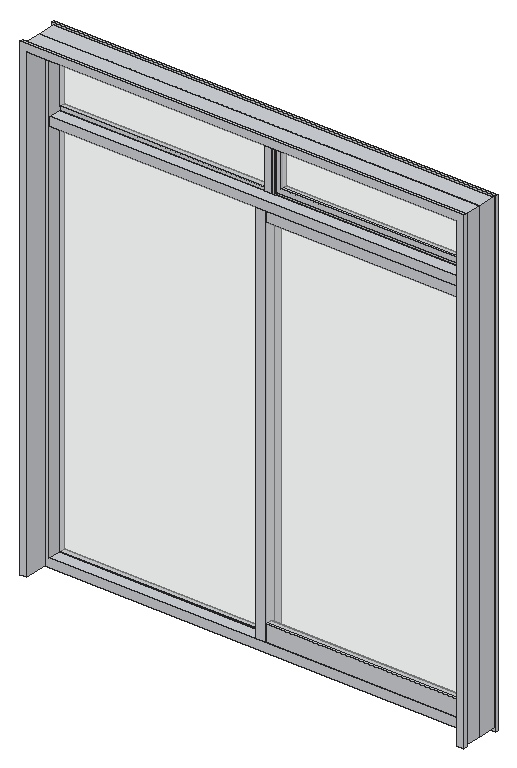
Revit family "APL Residential Thermal Heart Sliding Door SF with Overlight", category Doors, host Wall, Revit 2017 (continued)
Definition of nested family "APL Residential Thermal Heart Sliding Door SF Horizontal Section"
  Definition of nested family "Jamb Fixed"
    Definition of nested family "65400_Jamb Fixed"
      Lines and regions (mm)
        detail lines, in view "Ref. Level"
          curve 217: arc (73.23, 29.9, 0) -> (72.915, 29.86, 0) -> (72.621, 29.739, 0) r 1.2
          curve 218: arc (71.093, 28.854, 0) -> (70.996, 28.814, 0) -> (70.893, 28.8, 0) r 0.4
          curve 219: arc (70.6, 28.8, 0) -> (70.317, 28.917, 0) -> (70.2, 29.2, 0) r 0.4
          curve 220: line (70.6, 33, 0) -> (70.893, 33, 0)
          curve 221: line (71.093, 32.946, 0) -> (72.621, 32.061, 0)
          curve 222: line (73.222, 31.9, 0) -> (74.145, 31.9, 0)
          curve 223: line (75.084, 31.242, 0) -> (75.877, 29.063, 0)
          curve 224: line (76.253, 28.8, 0) -> (78.947, 28.8, 0)
          curve 225: line (79.323, 29.063, 0) -> (80.116, 31.242, 0)
          curve 226: line (81.055, 31.9, 0) -> (81.978, 31.9, 0)
          curve 227: line (82.579, 32.061, 0) -> (84.107, 32.946, 0)
          curve 228: line (84.307, 33, 0) -> (84.6, 33, 0)
          curve 229: line (85, 32.6, 0) -> (85, 29.2, 0)
          curve 230: line (84.6, 28.8, 0) -> (84.307, 28.8, 0)
          curve 231: line (84.107, 28.854, 0) -> (82.579, 29.739, 0)
          curve 232: line (81.684, 29.703, 0) -> (80.796, 27.263, 0)
          curve 233: line (80.42, 27, 0) -> (74.78, 27, 0)
          curve 234: line (74.404, 27.263, 0) -> (73.516, 29.703, 0)
          curve 235: line (72.621, 29.739, 0) -> (71.093, 28.854, 0)
          curve 236: line (70.893, 28.8, 0) -> (70.6, 28.8, 0)
          curve 237: line (70.2, 29.2, 0) -> (70.2, 32.6, 0)
          curve 238: arc (70.2, 37.4, 0) -> (70.317, 37.117, 0) -> (70.6, 37, 0) r 0.4
          curve 239: arc (70.893, 37, 0) -> (70.996, 37.014, 0) -> (71.093, 37.054, 0) r 0.4
          curve 240: arc (72.621, 37.939, 0) -> (72.911, 38.059, 0) -> (73.222, 38.1, 0) r 1.2
          curve 241: arc (74.145, 38.1, 0) -> (74.718, 38.281, 0) -> (75.084, 38.758, 0) r 1
          curve 242: arc (75.877, 40.937, 0) -> (76.024, 41.128, 0) -> (76.253, 41.2, 0) r 0.4
          curve 243: arc (78.947, 41.2, 0) -> (79.176, 41.128, 0) -> (79.323, 40.937, 0) r 0.4
          curve 244: arc (80.116, 38.758, 0) -> (80.482, 38.281, 0) -> (81.055, 38.1, 0) r 1
          curve 245: arc (81.978, 38.1, 0) -> (82.289, 38.059, 0) -> (82.579, 37.939, 0) r 1.2
          curve 246: arc (84.107, 37.054, 0) -> (84.204, 37.014, 0) -> (84.307, 37, 0) r 0.4
          curve 247: arc (84.6, 37, 0) -> (84.883, 37.117, 0) -> (85, 37.4, 0) r 0.4
          curve 248: arc (85, 40.8, 0) -> (84.883, 41.083, 0) -> (84.6, 41.2, 0) r 0.4
          curve 249: arc (84.307, 41.2, 0) -> (84.204, 41.186, 0) -> (84.107, 41.146, 0) r 0.4
          curve 250: arc (82.579, 40.262, 0) -> (82.285, 40.14, 0) -> (81.97, 40.1, 0) r 1.2
          curve 251: arc (81.97, 40.1, 0) -> (81.795, 40.153, 0) -> (81.684, 40.297, 0) r 0.3
          curve 252: arc (80.796, 42.737, 0) -> (80.649, 42.928, 0) -> (80.42, 43, 0) r 0.4
          curve 253: arc (74.78, 43, 0) -> (74.551, 42.928, 0) -> (74.404, 42.737, 0) r 0.4
          curve 254: arc (73.516, 40.297, 0) -> (73.405, 40.153, 0) -> (73.23, 40.1, 0) r 0.3
          curve 255: arc (73.23, 40.1, 0) -> (72.915, 40.14, 0) -> (72.621, 40.262, 0) r 1.2
          curve 256: arc (71.093, 41.146, 0) -> (70.996, 41.186, 0) -> (70.893, 41.2, 0) r 0.4
          curve 257: arc (70.6, 41.2, 0) -> (70.317, 41.083, 0) -> (70.2, 40.8, 0) r 0.4
          curve 258: line (70.6, 37, 0) -> (70.893, 37, 0)
          curve 259: line (71.093, 37.054, 0) -> (72.621, 37.939, 0)
          curve 260: line (73.222, 38.1, 0) -> (74.145, 38.1, 0)
          curve 261: line (75.084, 38.758, 0) -> (75.877, 40.937, 0)
          curve 262: line (76.253, 41.2, 0) -> (78.947, 41.2, 0)
          curve 263: line (79.323, 40.937, 0) -> (80.116, 38.758, 0)
          curve 264: line (81.055, 38.1, 0) -> (81.978, 38.1, 0)
          curve 265: line (82.579, 37.939, 0) -> (84.107, 37.054, 0)
          curve 266: line (84.307, 37, 0) -> (84.6, 37, 0)
          curve 267: line (85, 37.4, 0) -> (85, 40.8, 0)
          curve 268: line (84.6, 41.2, 0) -> (84.307, 41.2, 0)
          curve 269: line (84.107, 41.146, 0) -> (82.579, 40.262, 0)
          curve 270: line (81.684, 40.297, 0) -> (80.796, 42.737, 0)
          curve 271: line (80.42, 43, 0) -> (74.78, 43, 0)
          curve 272: line (74.404, 42.737, 0) -> (73.516, 40.297, 0)
          curve 273: line (72.621, 40.262, 0) -> (71.093, 41.146, 0)
          curve 274: line (70.893, 41.2, 0) -> (70.6, 41.2, 0)
          curve 275: line (70.2, 40.8, 0) -> (70.2, 37.4, 0)
          curve 276: arc (113.4, 7.123, 0) -> (113.327, 7.05, 0) -> (113.3, 6.95, 0) r 0.2
          curve 277: arc (113.3, 2.75, 0) -> (113.327, 2.65, 0) -> (113.4, 2.577, 0) r 0.2
          curve 278: arc (113.4, 2.577, 0) -> (113.473, 2.504, 0) -> (113.5, 2.404, 0) r 0.2
          curve 279: arc (113.5, 1.2, 0) -> (113.441, 1.059, 0) -> (113.3, 1, 0) r 0.2
          curve 280: arc (111.701, 1, 0) -> (111.559, 1.058, 0) -> (111.5, 1.2, 0) r 0.2
          curve 281: arc (111.5, 2.05, 0) -> (111, 2.549, 0) -> (110.5, 2.05, 0) r 0.5
          curve 282: arc (110.5, 0.5, 0) -> (110.646, 0.146, 0) -> (111, 0, 0) r 0.499
          curve 283: arc (114.5, 0, 0) -> (114.847, 0.153, 0) -> (115, 0.5, 0) r 0.523
          curve 284: arc (115, 21.5, 0) -> (114.856, 21.856, 0) -> (114.5, 22, 0) r 0.493
          curve 285: arc (111.7, 22, 0) -> (111.558, 22.058, 0) -> (111.5, 22.2, 0) r 0.199
          curve 286: arc (111.5, 29.801, 0) -> (110.852, 31.441, 0) -> (109.258, 32.195, 0) r 2.399
          curve 287: arc (109.258, 32.195, 0) -> (108.878, 32.412, 0) -> (108.814, 32.844, 0) r 0.5
          curve 288: arc (108.814, 32.844, 0) -> (109, 34.047, 0) -> (108.816, 35.25, 0) r 4
          curve 289: arc (108.816, 35.25, 0) -> (108.89, 35.696, 0) -> (109.293, 35.9, 0) r 0.5
          curve 290: arc (109.5, 35.9, 0) -> (110.914, 36.486, 0) -> (111.5, 37.9, 0) r 2.001
          curve 291: arc (120.75, 41.5, 0) -> (121.501, 42.253, 0) -> (120.745, 43, 0) r 0.75
          curve 292: arc (111.5, 43, 0) -> (110.439, 42.561, 0) -> (110, 41.5, 0) r 1.5
          curve 293: arc (110, 38, 0) -> (109.941, 37.859, 0) -> (109.8, 37.8, 0) r 0.2
          curve 294: arc (100.5, 37.8, 0) -> (100.146, 37.654, 0) -> (100, 37.3, 0) r 0.5
          curve 295: arc (100, 36.8, 0) -> (100.146, 36.446, 0) -> (100.5, 36.3, 0) r 0.5
          curve 296: arc (101.927, 36.3, 0) -> (102.266, 36.167, 0) -> (102.426, 35.84, 0) r 0.5
          curve 297: arc (102.426, 35.84, 0) -> (102.912, 35.197, 0) -> (103.7, 35.366, 0) r 0.75
          curve 298: arc (103.7, 35.366, 0) -> (105, 35.9, 0) -> (106.3, 35.366, 0) r 1.85
          curve 299: arc (106.3, 35.366, 0) -> (106.442, 35.256, 0) -> (106.607, 35.183, 0) r 0.75
          curve 300: arc (106.607, 35.183, 0) -> (106.791, 35.08, 0) -> (106.916, 34.91, 0) r 0.5
          curve 301: arc (106.916, 34.91, 0) -> (107.1, 34.05, 0) -> (106.916, 33.19, 0) r 2.1
          curve 302: arc (106.916, 33.19, 0) -> (106.791, 33.02, 0) -> (106.607, 32.917, 0) r 0.5
          curve 303: arc (106.607, 32.917, 0) -> (106.442, 32.844, 0) -> (106.3, 32.734, 0) r 0.75
          curve 304: arc (106.3, 32.734, 0) -> (105, 32.2, 0) -> (103.7, 32.734, 0) r 1.85
          curve 305: arc (103.7, 32.734, 0) -> (103.027, 32.936, 0) -> (102.482, 32.491, 0) r 0.75
          curve 306: arc (102.482, 32.491, 0) -> (102.32, 32.284, 0) -> (102.075, 32.188, 0) r 0.5
          curve 307: arc (102.075, 32.188, 0) -> (101.154, 31.86, 0) -> (100.481, 31.15, 0) r 2.1
          curve 308: arc (100.481, 31.15, 0) -> (100.298, 30.967, 0) -> (100.048, 30.9, 0) r 0.5
          curve 309: arc (91.556, 30.9, 0) -> (91.287, 30.978, 0) -> (91.103, 31.188, 0) r 0.5
          curve 310: arc (91.103, 31.188, 0) -> (90.328, 32.071, 0) -> (89.2, 32.4, 0) r 2.1
          curve 311: arc (87.9, 32.4, 0) -> (87.193, 32.693, 0) -> (86.9, 33.4, 0) r 1
          curve 312: arc (86.9, 42.5, 0) -> (86.754, 42.854, 0) -> (86.4, 43, 0) r 0.5
          curve 313: arc (84.083, 43, 0) -> (83.778, 42.801, 0) -> (83.505, 43.043, 0) r 0.3
          curve 314: arc (83.505, 43.043, 0) -> (83.439, 43.181, 0) -> (83.313, 43.268, 0) r 0.3
          curve 315: arc (81.903, 43.782, 0) -> (81.617, 43.738, 0) -> (81.501, 43.474, 0) r 0.3
          curve 316: arc (81.708, 41.108, 0) -> (81.735, 41.008, 0) -> (81.795, 40.922, 0) r 0.3
          curve 317: arc (82.159, 40.559, 0) -> (82.352, 40.507, 0) -> (82.493, 40.648, 0) r 0.2
          curve 318: arc (82.538, 40.816, 0) -> (82.59, 40.905, 0) -> (82.679, 40.957, 0) r 0.2
          curve 319: arc (84.822, 41.49, 0) -> (85.164, 41.343, 0) -> (85.1, 40.976, 0) r 0.3
          curve 320: arc (85.1, 40.976, 0) -> (85.026, 40.875, 0) -> (85, 40.753, 0) r 0.3
          curve 321: arc (85.194, 36.75, 0) -> (85.158, 36.578, 0) -> (85, 36.5, 0) r 0.2
          curve 322: arc (84.479, 36.5, 0) -> (84.398, 36.511, 0) -> (84.323, 36.544, 0) r 0.3
          curve 323: arc (83.069, 37.309, 0) -> (83.063, 37.502, 0) -> (82.92, 37.633, 0) r 0.25
          curve 324: arc (82.92, 37.633, 0) -> (82.65, 37.679, 0) -> (82.5, 37.45, 0) r 0.25
          curve 325: arc (82.5, 35.874, 0) -> (82.582, 35.477, 0) -> (82.815, 35.146, 0) r 1
          curve 326: arc (82.815, 35.146, 0) -> (82.878, 35, 0) -> (82.815, 34.854, 0) r 0.2
          curve 327: arc (82.815, 34.854, 0) -> (82.582, 34.523, 0) -> (82.5, 34.126, 0) r 1
          curve 328: arc (82.5, 32.55, 0) -> (82.628, 32.332, 0) -> (82.88, 32.337, 0) r 0.25
          curve 329: arc (82.966, 32.389, 0) -> (83.072, 32.521, 0) -> (83.069, 32.691, 0) r 0.25
          curve 330: arc (84.323, 33.456, 0) -> (84.398, 33.489, 0) -> (84.479, 33.5, 0) r 0.3
          curve 331: arc (85, 33.5, 0) -> (85.158, 33.423, 0) -> (85.194, 33.25, 0) r 0.2
          curve 332: arc (85, 29.247, 0) -> (85.026, 29.125, 0) -> (85.1, 29.024, 0) r 0.3
          curve 333: arc (85.1, 29.024, 0) -> (85.164, 28.657, 0) -> (84.822, 28.51, 0) r 0.3
          curve 334: arc (82.679, 29.043, 0) -> (82.59, 29.095, 0) -> (82.538, 29.184, 0) r 0.2
          curve 335: arc (82.493, 29.352, 0) -> (82.352, 29.493, 0) -> (82.159, 29.441, 0) r 0.2
          curve 336: arc (81.795, 29.078, 0) -> (81.735, 28.992, 0) -> (81.708, 28.892, 0) r 0.3
          curve 337: arc (81.501, 26.526, 0) -> (81.617, 26.262, 0) -> (81.903, 26.218, 0) r 0.3
          curve 338: arc (83.313, 26.732, 0) -> (83.439, 26.819, 0) -> (83.505, 26.957, 0) r 0.3
          curve 339: arc (83.505, 26.957, 0) -> (83.778, 27.199, 0) -> (84.083, 27, 0) r 0.3
          curve 340: arc (86.7, 27, 0) -> (86.841, 27.059, 0) -> (86.9, 27.2, 0) r 0.2
          curve 341: arc (86.9, 30.3, 0) -> (86.959, 30.441, 0) -> (87.1, 30.5, 0) r 0.2
          curve 342: arc (89.2, 30.5, 0) -> (89.341, 30.441, 0) -> (89.4, 30.3, 0) r 0.2
          curve 343: arc (89.4, 29.2, 0) -> (89.459, 29.059, 0) -> (89.6, 29, 0) r 0.2
          curve 344: arc (101.9, 29, 0) -> (102.042, 29.059, 0) -> (102.1, 29.2, 0) r 0.2
          curve 345: arc (102.1, 30.1, 0) -> (102.159, 30.241, 0) -> (102.3, 30.3, 0) r 0.2
          curve 346: arc (109.1, 30.3, 0) -> (109.454, 30.154, 0) -> (109.6, 29.8, 0) r 0.5
          curve 347: arc (109.6, 28.5, 0) -> (109.541, 28.359, 0) -> (109.4, 28.3, 0) r 0.2
          curve 348: arc (107.3, 28.3, 0) -> (107.159, 28.241, 0) -> (107.1, 28.1, 0) r 0.2
          curve 349: arc (107.1, 27.2, 0) -> (107.159, 27.059, 0) -> (107.3, 27, 0) r 0.2
          curve 350: arc (109.5, 27, 0) -> (109.854, 26.854, 0) -> (110, 26.5, 0) r 0.5
          curve 351: arc (110, 20.2, 0) -> (110.146, 19.846, 0) -> (110.5, 19.7, 0) r 0.5
          curve 352: arc (111.3, 19.7, 0) -> (111.441, 19.759, 0) -> (111.5, 19.9, 0) r 0.2
          curve 353: arc (113.3, 20.7, 0) -> (113.441, 20.641, 0) -> (113.5, 20.5, 0) r 0.2
          curve 354: arc (113.5, 15.6, 0) -> (113.1, 15.2, 0) -> (113.5, 14.8, 0) r 0.4
          curve 355: arc (113.5, 9.9, 0) -> (113.441, 9.759, 0) -> (113.3, 9.7, 0) r 0.2
          curve 356: arc (111.5, 10.3, 0) -> (111.383, 10.583, 0) -> (111.1, 10.7, 0) r 0.4
          curve 357: arc (111, 10.7, 0) -> (110.646, 10.553, 0) -> (110.5, 10.2, 0) r 0.5
          curve 358: arc (110.5, 7.65, 0) -> (111, 7.15, 0) -> (111.5, 7.65, 0) r 0.5
          curve 359: arc (111.5, 8.5, 0) -> (111.559, 8.641, 0) -> (111.7, 8.7, 0) r 0.2
          curve 360: arc (113.3, 8.7, 0) -> (113.441, 8.641, 0) -> (113.5, 8.5, 0) r 0.2
          curve 361: line (113.3, 6.95, 0) -> (113.3, 2.75, 0)
          curve 362: line (113.5, 2.404, 0) -> (113.5, 1.2, 0)
          curve 363: line (113.3, 1, 0) -> (111.701, 1, 0)
          curve 364: line (111.5, 1.2, 0) -> (111.5, 2.05, 0)
          curve 365: line (110.5, 2.05, 0) -> (110.5, 0.5, 0)
          curve 366: line (111, 0, 0) -> (114.5, 0, 0)
          curve 367: line (115, 0.5, 0) -> (115, 21.5, 0)
          curve 368: line (114.5, 22, 0) -> (111.7, 22, 0)
          curve 369: line (111.5, 22.2, 0) -> (111.5, 29.801, 0)
          curve 370: line (109.293, 35.9, 0) -> (109.5, 35.9, 0)
          curve 371: line (111.5, 37.9, 0) -> (111.5, 41.5, 0)
          curve 372: line (111.5, 41.5, 0) -> (120.75, 41.5, 0)
          curve 373: line (120.745, 43, 0) -> (119, 43, 0)
          curve 374: line (119, 43, 0) -> (118.6, 42.6, 0)
          curve 375: line (118.6, 42.6, 0) -> (112.3, 42.6, 0)
          curve 376: line (112.3, 42.6, 0) -> (111.9, 43, 0)
          curve 377: line (111.9, 43, 0) -> (111.5, 43, 0)
          curve 378: line (110, 41.5, 0) -> (110, 38, 0)
          curve 379: line (109.8, 37.8, 0) -> (100.5, 37.8, 0)
          curve 380: line (100, 37.3, 0) -> (100, 36.8, 0)
          curve 381: line (100.5, 36.3, 0) -> (101.927, 36.3, 0)
          curve 382: line (100.048, 30.9, 0) -> (91.556, 30.9, 0)
          curve 383: line (89.2, 32.4, 0) -> (87.9, 32.4, 0)
          curve 384: line (86.9, 33.4, 0) -> (86.9, 42.5, 0)
          curve 385: line (86.4, 43, 0) -> (84.083, 43, 0)
          curve 386: line (83.313, 43.268, 0) -> (81.903, 43.782, 0)
          curve 387: line (81.501, 43.474, 0) -> (81.708, 41.108, 0)
          curve 388: line (81.795, 40.922, 0) -> (82.159, 40.559, 0)
          curve 389: line (82.493, 40.648, 0) -> (82.538, 40.816, 0)
          curve 390: line (82.679, 40.957, 0) -> (84.812, 41.528, 0)
          curve 391: line (85, 40.753, 0) -> (85, 37.525, 0)
          curve 392: line (85, 37.5, 0) -> (85.194, 36.75, 0)
          curve 393: line (85, 36.5, 0) -> (84.479, 36.5, 0)
          curve 394: line (84.323, 36.544, 0) -> (83.069, 37.309, 0)
          curve 395: line (82.5, 37.45, 0) -> (82.5, 35.874, 0)
          curve 396: line (82.5, 34.126, 0) -> (82.5, 32.55, 0)
          curve 397: line (83.069, 32.691, 0) -> (84.323, 33.456, 0)
          curve 398: line (84.479, 33.5, 0) -> (85, 33.5, 0)
          curve 399: line (85.194, 33.25, 0) -> (85, 32.5, 0)
          curve 400: line (85, 32.475, 0) -> (85, 29.248, 0)
          curve 401: line (84.812, 28.472, 0) -> (82.679, 29.043, 0)
          curve 402: line (82.538, 29.184, 0) -> (82.493, 29.352, 0)
          curve 403: line (82.159, 29.441, 0) -> (81.795, 29.078, 0)
          curve 404: line (81.708, 28.892, 0) -> (81.501, 26.526, 0)
          curve 405: line (81.903, 26.218, 0) -> (83.313, 26.732, 0)
          curve 406: line (84.083, 27, 0) -> (86.7, 27, 0)
          curve 407: line (86.9, 27.2, 0) -> (86.9, 30.3, 0)
          curve 408: line (87.1, 30.5, 0) -> (89.2, 30.5, 0)
          curve 409: line (89.4, 30.3, 0) -> (89.4, 29.2, 0)
          curve 410: line (89.6, 29, 0) -> (95.4, 29, 0)
          curve 411: line (95.4, 29, 0) -> (95.8, 29.4, 0)
          curve 412: line (95.8, 29.4, 0) -> (96.2, 29, 0)
          curve 413: line (96.2, 29, 0) -> (101.9, 29, 0)
          curve 414: line (102.1, 29.2, 0) -> (102.1, 30.1, 0)
          curve 415: line (102.3, 30.3, 0) -> (109.1, 30.3, 0)
          curve 416: line (109.6, 29.8, 0) -> (109.6, 28.5, 0)
          curve 417: line (109.4, 28.3, 0) -> (107.3, 28.3, 0)
          curve 418: line (107.1, 28.1, 0) -> (107.1, 27.2, 0)
          curve 419: line (107.3, 27, 0) -> (109.5, 27, 0)
          curve 420: line (110, 26.5, 0) -> (110, 20.2, 0)
          curve 421: line (110.5, 19.7, 0) -> (111.3, 19.7, 0)
          curve 422: line (111.5, 19.9, 0) -> (111.5, 20.7, 0)
          curve 423: line (111.5, 20.7, 0) -> (113.3, 20.7, 0)
          curve 424: line (113.5, 20.5, 0) -> (113.5, 15.6, 0)
          curve 425: line (113.5, 14.8, 0) -> (113.5, 9.9, 0)
          curve 426: line (113.3, 9.7, 0) -> (111.5, 9.7, 0)
          curve 427: line (111.5, 9.7, 0) -> (111.5, 10.3, 0)
          curve 428: line (110.5, 10.2, 0) -> (110.5, 7.65, 0)
          curve 429: line (111.5, 7.65, 0) -> (111.5, 8.5, 0)
          curve 430: line (111.7, 8.7, 0) -> (113.3, 8.7, 0)
          curve 431: line (113.5, 8.5, 0) -> (113.5, 7.296, 0)
          curve 432: arc (113.5, 7.296, 0) -> (113.473, 7.196, 0) -> (113.4, 7.123, 0) r 0.2
          curve 433: arc (12.7, 24.6, 0) -> (12.817, 24.883, 0) -> (13.1, 25, 0) r 0.4
          curve 434: arc (13.393, 25, 0) -> (13.496, 24.986, 0) -> (13.593, 24.946, 0) r 0.4
          curve 435: arc (15.121, 24.062, 0) -> (15.411, 23.941, 0) -> (15.722, 23.9, 0) r 1.2
          curve 436: arc (16.645, 23.9, 0) -> (17.218, 23.719, 0) -> (17.584, 23.242, 0) r 1
          curve 437: arc (18.377, 21.063, 0) -> (18.524, 20.872, 0) -> (18.753, 20.8, 0) r 0.4
          curve 438: arc (21.447, 20.8, 0) -> (21.676, 20.872, 0) -> (21.823, 21.063, 0) r 0.4
          curve 439: arc (22.616, 23.242, 0) -> (22.982, 23.719, 0) -> (23.555, 23.9, 0) r 1
          curve 440: arc (24.478, 23.9, 0) -> (24.789, 23.941, 0) -> (25.079, 24.062, 0) r 1.2
          curve 441: arc (26.607, 24.946, 0) -> (26.704, 24.986, 0) -> (26.807, 25, 0) r 0.4
          curve 442: arc (27.1, 25, 0) -> (27.383, 24.883, 0) -> (27.5, 24.6, 0) r 0.4
          curve 443: arc (27.5, 21.2, 0) -> (27.383, 20.917, 0) -> (27.1, 20.8, 0) r 0.4
          curve 444: arc (26.807, 20.8, 0) -> (26.704, 20.814, 0) -> (26.607, 20.854, 0) r 0.4
          curve 445: arc (25.079, 21.739, 0) -> (24.785, 21.86, 0) -> (24.47, 21.9, 0) r 1.2
          curve 446: arc (24.47, 21.9, 0) -> (24.295, 21.847, 0) -> (24.184, 21.703, 0) r 0.3
          curve 447: arc (23.296, 19.263, 0) -> (23.149, 19.072, 0) -> (22.92, 19, 0) r 0.4
          curve 448: arc (17.28, 19, 0) -> (17.051, 19.072, 0) -> (16.904, 19.263, 0) r 0.4
          curve 449: arc (16.016, 21.703, 0) -> (15.905, 21.847, 0) -> (15.73, 21.9, 0) r 0.3
          curve 450: arc (15.73, 21.9, 0) -> (15.415, 21.86, 0) -> (15.121, 21.739, 0) r 1.2
          curve 451: arc (13.593, 20.854, 0) -> (13.496, 20.814, 0) -> (13.393, 20.8, 0) r 0.4
          curve 452: arc (13.1, 20.8, 0) -> (12.817, 20.917, 0) -> (12.7, 21.2, 0) r 0.4
          curve 453: line (13.1, 25, 0) -> (13.393, 25, 0)
          curve 454: line (13.593, 24.946, 0) -> (15.121, 24.062, 0)
          curve 455: line (15.722, 23.9, 0) -> (16.645, 23.9, 0)
          curve 456: line (17.584, 23.242, 0) -> (18.377, 21.063, 0)
          curve 457: line (18.753, 20.8, 0) -> (21.447, 20.8, 0)
          curve 458: line (21.823, 21.063, 0) -> (22.616, 23.242, 0)
          curve 459: line (23.555, 23.9, 0) -> (24.478, 23.9, 0)
          curve 460: line (25.079, 24.062, 0) -> (26.607, 24.946, 0)
          curve 461: line (26.807, 25, 0) -> (27.1, 25, 0)
          curve 462: line (27.5, 24.6, 0) -> (27.5, 21.2, 0)
          curve 463: line (27.1, 20.8, 0) -> (26.807, 20.8, 0)
          curve 464: line (26.607, 20.854, 0) -> (25.079, 21.739, 0)
          curve 465: line (24.184, 21.703, 0) -> (23.296, 19.263, 0)
          curve 466: line (22.92, 19, 0) -> (17.28, 19, 0)
          curve 467: line (16.904, 19.263, 0) -> (16.016, 21.703, 0)
          curve 468: line (15.121, 21.739, 0) -> (13.593, 20.854, 0)
          curve 469: line (13.393, 20.8, 0) -> (13.1, 20.8, 0)
          curve 470: line (12.7, 21.2, 0) -> (12.7, 24.6, 0)
          curve 471: arc (12.7, 40.8, 0) -> (12.817, 41.083, 0) -> (13.1, 41.2, 0) r 0.4
          curve 472: arc (13.393, 41.2, 0) -> (13.496, 41.186, 0) -> (13.593, 41.146, 0) r 0.4
          curve 473: arc (15.121, 40.262, 0) -> (15.411, 40.141, 0) -> (15.722, 40.1, 0) r 1.2
          curve 474: arc (16.645, 40.1, 0) -> (17.218, 39.919, 0) -> (17.584, 39.442, 0) r 1
          curve 475: arc (18.377, 37.263, 0) -> (18.524, 37.072, 0) -> (18.753, 37, 0) r 0.4
          curve 476: arc (21.447, 37, 0) -> (21.676, 37.072, 0) -> (21.823, 37.263, 0) r 0.4
          curve 477: arc (22.616, 39.442, 0) -> (22.982, 39.919, 0) -> (23.555, 40.1, 0) r 1
          curve 478: arc (24.478, 40.1, 0) -> (24.789, 40.141, 0) -> (25.079, 40.262, 0) r 1.2
          curve 479: arc (26.607, 41.146, 0) -> (26.704, 41.186, 0) -> (26.807, 41.2, 0) r 0.4
          curve 480: arc (27.1, 41.2, 0) -> (27.383, 41.083, 0) -> (27.5, 40.8, 0) r 0.4
          curve 481: arc (27.5, 37.4, 0) -> (27.383, 37.117, 0) -> (27.1, 37, 0) r 0.4
          curve 482: arc (26.807, 37, 0) -> (26.704, 37.014, 0) -> (26.607, 37.054, 0) r 0.4
          curve 483: arc (25.079, 37.939, 0) -> (24.785, 38.06, 0) -> (24.47, 38.1, 0) r 1.2
          curve 484: arc (24.47, 38.1, 0) -> (24.295, 38.047, 0) -> (24.184, 37.903, 0) r 0.3
          curve 485: arc (23.296, 35.463, 0) -> (23.149, 35.272, 0) -> (22.92, 35.2, 0) r 0.4
          curve 486: arc (17.28, 35.2, 0) -> (17.051, 35.272, 0) -> (16.904, 35.463, 0) r 0.4
          curve 487: arc (16.016, 37.903, 0) -> (15.905, 38.047, 0) -> (15.73, 38.1, 0) r 0.3
          curve 488: arc (15.73, 38.1, 0) -> (15.415, 38.06, 0) -> (15.121, 37.939, 0) r 1.2
          curve 489: arc (13.593, 37.054, 0) -> (13.496, 37.014, 0) -> (13.393, 37, 0) r 0.4
          curve 490: arc (13.1, 37, 0) -> (12.817, 37.117, 0) -> (12.7, 37.4, 0) r 0.4
          curve 491: line (13.1, 41.2, 0) -> (13.393, 41.2, 0)
          curve 492: line (13.593, 41.146, 0) -> (15.121, 40.262, 0)
          curve 493: line (15.722, 40.1, 0) -> (16.645, 40.1, 0)
          curve 494: line (17.584, 39.442, 0) -> (18.377, 37.263, 0)
          curve 495: line (18.753, 37, 0) -> (21.447, 37, 0)
          curve 496: line (21.823, 37.263, 0) -> (22.616, 39.442, 0)
          curve 497: line (23.555, 40.1, 0) -> (24.478, 40.1, 0)
          curve 498: line (25.079, 40.262, 0) -> (26.607, 41.146, 0)
          curve 499: line (26.807, 41.2, 0) -> (27.1, 41.2, 0)
          curve 500: line (27.5, 40.8, 0) -> (27.5, 37.4, 0)
          curve 501: line (27.1, 37, 0) -> (26.807, 37, 0)
          curve 502: line (26.607, 37.054, 0) -> (25.079, 37.939, 0)
          curve 503: line (24.184, 37.903, 0) -> (23.296, 35.463, 0)
          curve 504: line (22.92, 35.2, 0) -> (17.28, 35.2, 0)
          curve 505: line (16.904, 35.463, 0) -> (16.016, 37.903, 0)
          curve 506: line (15.121, 37.939, 0) -> (13.593, 37.054, 0)
          curve 507: line (13.393, 37, 0) -> (13.1, 37, 0)
          curve 508: line (12.7, 37.4, 0) -> (12.7, 40.8, 0)
          curve 509: arc (10.8, 36.502, 0) -> (11.356, 35.157, 0) -> (12.7, 34.6, 0) r 1.9
          curve 510: arc (13.1, 34.6, 0) -> (13.241, 34.541, 0) -> (13.3, 34.4, 0) r 0.2
          curve 511: arc (13.3, 27.6, 0) -> (13.241, 27.459, 0) -> (13.1, 27.4, 0) r 0.2
          curve 512: arc (11, 27.4, 0) -> (10.859, 27.341, 0) -> (10.8, 27.2, 0) r 0.2
          curve 513: arc (10.8, 26.717, 0) -> (10.741, 26.575, 0) -> (10.6, 26.517, 0) r 0.2
          curve 514: arc (1.9, 26.517, 0) -> (1.546, 26.663, 0) -> (1.4, 27.017, 0) r 0.5
          curve 515: arc (1.4, 40.755, 0) -> (1.521, 41.369, 0) -> (1.869, 41.889, 0) r 1.6
          curve 516: arc (6.387, 46.407, 0) -> (6.711, 46.624, 0) -> (7.094, 46.7, 0) r 1
          curve 517: arc (9.8, 46.7, 0) -> (10.507, 46.407, 0) -> (10.8, 45.7, 0) r 1
          curve 518: arc (1.665, 19.379, 0) -> (1.729, 19.478, 0) -> (1.725, 19.597, 0) r 0.2
          curve 519: arc (1.725, 19.597, 0) -> (1.621, 19.766, 0) -> (1.453, 19.873, 0) r 0.45
          curve 520: arc (1.453, 19.873, 0) -> (1.357, 19.948, 0) -> (1.322, 20.064, 0) r 0.2
          curve 521: arc (1.379, 24.919, 0) -> (1.438, 25.059, 0) -> (1.579, 25.117, 0) r 0.2
          curve 522: arc (10.6, 25.117, 0) -> (10.741, 25.058, 0) -> (10.8, 24.917, 0) r 0.2
          curve 523: arc (10.8, 20.828, 0) -> (10.773, 20.728, 0) -> (10.7, 20.655, 0) r 0.2
          curve 524: arc (9.6, 20.02, 0) -> (9.38, 19.8, 0) -> (9.3, 19.5, 0) r 0.6
          curve 525: arc (9.3, 19.2, 0) -> (9.359, 19.059, 0) -> (9.5, 19, 0) r 0.2
          curve 526: arc (13.617, 19, 0) -> (13.922, 19.199, 0) -> (14.195, 18.957, 0) r 0.3
          curve 527: arc (14.195, 18.957, 0) -> (14.261, 18.819, 0) -> (14.387, 18.732, 0) r 0.3
          curve 528: arc (15.797, 18.218, 0) -> (16.083, 18.262, 0) -> (16.199, 18.526, 0) r 0.3
          curve 529: arc (15.992, 20.892, 0) -> (15.965, 20.992, 0) -> (15.905, 21.078, 0) r 0.3
          curve 530: arc (15.541, 21.441, 0) -> (15.348, 21.493, 0) -> (15.207, 21.352, 0) r 0.2
          curve 531: arc (15.162, 21.184, 0) -> (15.11, 21.095, 0) -> (15.021, 21.043, 0) r 0.2
          curve 532: arc (12.878, 20.51, 0) -> (12.536, 20.657, 0) -> (12.6, 21.024, 0) r 0.3
          curve 533: arc (12.6, 21.024, 0) -> (12.674, 21.125, 0) -> (12.7, 21.247, 0) r 0.3
          curve 534: arc (12.506, 25.25, 0) -> (12.542, 25.422, 0) -> (12.7, 25.5, 0) r 0.2
          curve 535: arc (13.221, 25.5, 0) -> (13.302, 25.489, 0) -> (13.377, 25.456, 0) r 0.3
          curve 536: arc (14.631, 24.691, 0) -> (14.637, 24.498, 0) -> (14.78, 24.367, 0) r 0.25
          curve 537: arc (14.78, 24.367, 0) -> (15.05, 24.321, 0) -> (15.2, 24.55, 0) r 0.25
          curve 538: arc (15.2, 34.401, 0) -> (15.259, 34.542, 0) -> (15.4, 34.6, 0) r 0.2
          curve 539: arc (16.479, 34.6, 0) -> (16.643, 34.685, 0) -> (16.667, 34.868, 0) r 0.2
          curve 540: arc (15.775, 37.318, 0) -> (15.702, 37.414, 0) -> (15.587, 37.45, 0) r 0.2
          curve 541: arc (15.353, 37.45, 0) -> (15.248, 37.48, 0) -> (15.174, 37.561, 0) r 0.2
          curve 542: arc (15.174, 37.561, 0) -> (14.995, 37.696, 0) -> (14.78, 37.633, 0) r 0.25
          curve 543: arc (14.78, 37.633, 0) -> (14.637, 37.502, 0) -> (14.631, 37.309, 0) r 0.25
          curve 544: arc (13.377, 36.544, 0) -> (13.302, 36.511, 0) -> (13.221, 36.5, 0) r 0.3
          curve 545: arc (12.7, 36.5, 0) -> (12.542, 36.578, 0) -> (12.506, 36.75, 0) r 0.2
          curve 546: arc (12.7, 40.753, 0) -> (12.674, 40.875, 0) -> (12.6, 40.976, 0) r 0.3
          curve 547: arc (12.6, 40.976, 0) -> (12.536, 41.343, 0) -> (12.878, 41.49, 0) r 0.3
          curve 548: arc (15.021, 40.957, 0) -> (15.11, 40.905, 0) -> (15.162, 40.816, 0) r 0.2
          curve 549: arc (15.207, 40.648, 0) -> (15.348, 40.507, 0) -> (15.541, 40.559, 0) r 0.2
          curve 550: arc (15.905, 40.922, 0) -> (15.965, 41.008, 0) -> (15.992, 41.108, 0) r 0.3
          curve 551: arc (16.199, 43.474, 0) -> (16.083, 43.738, 0) -> (15.797, 43.782, 0) r 0.3
          curve 552: arc (14.387, 43.268, 0) -> (14.261, 43.181, 0) -> (14.195, 43.043, 0) r 0.3
          curve 553: arc (14.195, 43.043, 0) -> (13.922, 42.801, 0) -> (13.617, 43, 0) r 0.3
          curve 554: arc (12.6, 43, 0) -> (12.459, 43.059, 0) -> (12.4, 43.2, 0) r 0.2
          curve 555: arc (12.4, 45.696, 0) -> (11.64, 47.537, 0) -> (9.8, 48.3, 0) r 2.6
          curve 556: arc (7.9, 48.3, 0) -> (7.547, 48.446, 0) -> (7.4, 48.8, 0) r 0.5
          curve 557: arc (7.4, 56.402, 0) -> (7.508, 56.581, 0) -> (7.716, 56.566, 0) r 0.2
          curve 558: arc (7.716, 56.566, 0) -> (8.721, 56.692, 0) -> (8.684, 57.705, 0) r 0.75
          curve 559: arc (8.684, 57.705, 0) -> (8.15, 59.005, 0) -> (8.684, 60.305, 0) r 1.85
          curve 560: arc (8.684, 60.305, 0) -> (8.794, 60.447, 0) -> (8.867, 60.612, 0) r 0.75
          curve 561: arc (8.867, 60.612, 0) -> (8.97, 60.796, 0) -> (9.14, 60.921, 0) r 0.5
          curve 562: arc (9.14, 60.921, 0) -> (10, 61.105, 0) -> (10.86, 60.921, 0) r 2.1
          curve 563: arc (10.86, 60.921, 0) -> (11.03, 60.796, 0) -> (11.133, 60.612, 0) r 0.5
          curve 564: arc (11.133, 60.612, 0) -> (11.206, 60.447, 0) -> (11.316, 60.305, 0) r 0.75
          curve 565: arc (11.316, 60.305, 0) -> (11.85, 59.005, 0) -> (11.316, 57.705, 0) r 1.85
          curve 566: arc (11.316, 57.705, 0) -> (11.323, 56.644, 0) -> (12.384, 56.651, 0) r 0.75
          curve 567: arc (12.384, 56.651, 0) -> (13.348, 58.881, 0) -> (12.551, 61.176, 0) r 3.35
          curve 568: arc (12.551, 61.176, 0) -> (12.478, 61.71, 0) -> (12.932, 62, 0) r 0.5
          curve 569: arc (13.15, 62, 0) -> (13.291, 62.059, 0) -> (13.35, 62.2, 0) r 0.2
          curve 570: arc (13.35, 62.5, 0) -> (13.204, 62.854, 0) -> (12.85, 63, 0) r 0.5
          curve 571: arc (7, 63, 0) -> (6.293, 62.707, 0) -> (6, 62, 0) r 1
          curve 572: arc (6, 49.243, 0) -> (5.772, 48.095, 0) -> (5.121, 47.121, 0) r 3
          curve 573: arc (0.879, 42.879, 0) -> (0.228, 41.905, 0) -> (0, 40.757, 0) r 3
          curve 574: arc (0, 19.2, 0) -> (0.059, 19.059, 0) -> (0.2, 19, 0) r 0.2
          curve 575: line (10.8, 45.7, 0) -> (10.8, 36.502, 0)
          curve 576: line (12.7, 34.6, 0) -> (13.1, 34.6, 0)
          curve 577: line (13.3, 34.4, 0) -> (13.3, 27.6, 0)
          curve 578: line (13.1, 27.4, 0) -> (11, 27.4, 0)
          curve 579: line (10.8, 27.2, 0) -> (10.8, 26.717, 0)
          curve 580: line (10.6, 26.517, 0) -> (1.9, 26.517, 0)
          curve 581: line (1.4, 27.017, 0) -> (1.4, 40.755, 0)
          curve 582: line (1.869, 41.889, 0) -> (6.387, 46.407, 0)
          curve 583: line (7.094, 46.7, 0) -> (9.8, 46.7, 0)
          curve 584: line (1.322, 20.064, 0) -> (1.379, 24.919, 0)
          curve 585: line (1.579, 25.117, 0) -> (10.6, 25.117, 0)
          curve 586: line (10.8, 24.917, 0) -> (10.8, 20.828, 0)
          curve 587: line (10.7, 20.655, 0) -> (9.6, 20.02, 0)
          curve 588: line (9.3, 19.5, 0) -> (9.3, 19.2, 0)
          curve 589: line (9.5, 19, 0) -> (13.617, 19, 0)
          curve 590: line (14.387, 18.732, 0) -> (15.797, 18.218, 0)
          curve 591: line (16.199, 18.526, 0) -> (15.992, 20.892, 0)
          curve 592: line (15.905, 21.078, 0) -> (15.541, 21.441, 0)
          curve 593: line (15.207, 21.352, 0) -> (15.162, 21.184, 0)
          curve 594: line (15.021, 21.043, 0) -> (12.888, 20.472, 0)
          curve 595: line (12.7, 21.247, 0) -> (12.7, 24.475, 0)
          curve 596: line (12.7, 24.5, 0) -> (12.506, 25.25, 0)
          curve 597: line (12.7, 25.5, 0) -> (13.221, 25.5, 0)
          curve 598: line (13.377, 25.456, 0) -> (14.631, 24.691, 0)
          curve 599: line (15.2, 24.55, 0) -> (15.2, 26.126, 0)
          curve 600: line (15.2, 26.126, 0) -> (15.2, 34.401, 0)
          curve 601: line (15.4, 34.6, 0) -> (16.479, 34.6, 0)
          curve 602: line (16.667, 34.868, 0) -> (15.775, 37.318, 0)
          curve 603: line (15.587, 37.45, 0) -> (15.353, 37.45, 0)
          curve 604: line (14.631, 37.309, 0) -> (13.377, 36.544, 0)
          curve 605: line (13.221, 36.5, 0) -> (12.7, 36.5, 0)
          curve 606: line (12.506, 36.75, 0) -> (12.7, 37.5, 0)
          curve 607: line (12.7, 37.525, 0) -> (12.7, 40.753, 0)
          curve 608: line (12.888, 41.528, 0) -> (15.021, 40.957, 0)
          curve 609: line (15.162, 40.816, 0) -> (15.207, 40.648, 0)
          curve 610: line (15.541, 40.559, 0) -> (15.905, 40.922, 0)
          curve 611: line (15.992, 41.108, 0) -> (16.199, 43.474, 0)
          curve 612: line (15.797, 43.782, 0) -> (14.387, 43.268, 0)
          curve 613: line (13.617, 43, 0) -> (12.6, 43, 0)
          curve 614: line (12.4, 43.2, 0) -> (12.4, 45.696, 0)
          curve 615: line (9.8, 48.3, 0) -> (7.9, 48.3, 0)
          curve 616: line (7.4, 48.8, 0) -> (7.4, 56.402, 0)
          curve 617: line (12.932, 62, 0) -> (13.15, 62, 0)
          curve 618: line (13.35, 62.2, 0) -> (13.35, 62.5, 0)
          curve 619: line (12.85, 63, 0) -> (7, 63, 0)
          curve 620: line (6, 62, 0) -> (6, 49.243, 0)
          curve 621: line (5.121, 47.121, 0) -> (0.879, 42.879, 0)
          curve 622: line (0, 40.757, 0) -> (0, 19.2, 0)
          curve 623: line (0.2, 19, 0) -> (1.214, 19, 0)
          curve 624: line (1.214, 19, 0) -> (1.665, 19.379, 0)
      Text (mm)
        text "65400" at (42.552, 67.011, 0), in view "Ref. Level"
    Definition of nested family "65585_Infill"
      Reference planes
        plane 1 "Center (Front/Back)": y = 0
        plane 2: z = 0
        plane 3 "Center (Left/Right)": x = 0
      Lines and regions (mm)
        model lines, in view "Ref. Level"
          curve 1: arc (0.752, -3.072, 0) -> (0.936, -2.765, 0) -> (1, -2.413, 0) r 1
          curve 2: arc (1, -2, 0) -> (1.146, -1.646, 0) -> (1.5, -1.5, 0) r 0.5
          curve 3: arc (36.55, -1.5, 0) -> (36.904, -1.646, 0) -> (37.05, -2, 0) r 0.5
          curve 4: arc (37.05, -2.542, 0) -> (37.582, -3.901, 0) -> (38.896, -4.536, 0) r 2
          curve 5: arc (38.896, -4.536, 0) -> (39.7, -4.528, 0) -> (40.49, -4.38, 0) r 4.6
          curve 6: arc (40.49, -4.38, 0) -> (40.927, -4.463, 0) -> (41.125, -4.861, 0) r 0.5
          curve 7: arc (41.125, -5.356, 0) -> (41.077, -5.571, 0) -> (40.941, -5.744, 0) r 0.5
          curve 8: arc (40.941, -5.744, 0) -> (40.536, -5.965, 0) -> (40.078, -6.026, 0) r 1.261
          curve 9: arc (40.078, -6.026, 0) -> (38.967, -6.436, 0) -> (38.5, -7.524, 0) r 1.5
          curve 10: arc (38.5, -11, 0) -> (38.793, -11.707, 0) -> (39.5, -12, 0) r 1
          curve 11: arc (41.5, -12, 0) -> (42, -11.5, 0) -> (41.5, -11, 0) r 0.5
          curve 12: arc (39.5, -7.524, 0) -> (39.656, -7.161, 0) -> (40.026, -7.024, 0) r 0.5
          curve 13: arc (40.026, -7.024, 0) -> (41.175, -6.779, 0) -> (42.045, -5.99, 0) r 2.261
          curve 14: arc (42.045, -5.99, 0) -> (42.105, -5.861, 0) -> (42.125, -5.72, 0) r 0.5
          curve 15: arc (42.125, -3.292, 0) -> (41.854, -2.848, 0) -> (41.335, -2.884, 0) r 0.5
          curve 16: arc (41.335, -2.884, 0) -> (40.212, -3.419, 0) -> (38.973, -3.539, 0) r 3.6
          curve 17: arc (38.973, -3.539, 0) -> (38.316, -3.222, 0) -> (38.05, -2.542, 0) r 1
          curve 18: arc (38.05, -2.011, 0) -> (38.088, -1.819, 0) -> (38.196, -1.657, 0) r 0.5
          curve 19: arc (39.427, -0.427, 0) -> (39.481, -0.154, 0) -> (39.25, 0, 0) r 0.25
          curve 20: arc (0.5, 0, 0) -> (0.146, -0.146, 0) -> (0, -0.5, 0) r 0.5
          curve 21: line (1, -2.413, 0) -> (1, -2, 0)
          curve 22: line (1.5, -1.5, 0) -> (36.55, -1.5, 0)
          curve 23: line (37.05, -2, 0) -> (37.05, -2.542, 0)
          curve 24: line (41.125, -4.861, 0) -> (41.125, -5.356, 0)
          curve 25: line (38.5, -7.524, 0) -> (38.5, -11, 0)
          curve 26: line (39.5, -12, 0) -> (41.5, -12, 0)
          curve 27: line (41.5, -11, 0) -> (39.5, -11, 0)
          curve 28: line (39.5, -11, 0) -> (39.5, -7.524, 0)
          curve 29: line (42.125, -5.72, 0) -> (42.125, -3.292, 0)
          curve 30: line (38.05, -2.542, 0) -> (38.05, -2.011, 0)
          curve 31: line (38.196, -1.657, 0) -> (39.427, -0.427, 0)
          curve 32: line (39.25, 0, 0) -> (0.5, 0, 0)
          curve 33: line (0, -0.5, 0) -> (0, -2.413, 0)
          curve 34: arc (0, -2.413, 0) -> (-0.837, -6.153, 0) -> (1.856, -8.881, 0) r 4
          curve 35: arc (1.856, -8.881, 0) -> (2.479, -8.546, 0) -> (2.144, -7.923, 0) r 0.5
          curve 36: arc (2.144, -7.923, 0) -> (0.124, -5.878, 0) -> (0.752, -3.072, 0) r 3
      Text (mm)
        text "65585" at (9.33, 14.342, 0), in view "Ref. Level"
  Definition of nested family "Jamb Stile"
    Reference planes
      plane 1 "Center (Front/Back)": y = 0
      plane 2: z = 0
      plane 3 "Center (Left/Right)": x = 0
    Dimensions and locks
      locked: nested 3 to nested 1 at 18
      locked: nested 1 to nested 3 at 6.6
    Nested families
      nested 1: "65400_Frame Head" at (0, 0, 0) x (0, 1, 0) z (0, 0, 1), type "65400_Frame Head", in view "Ref. Level"
      nested 2: "65575_Threshold" at (-24, 0, 0) x (0, 1, 0) z (0, 0, 1), type "65575_Threshold", in view "Ref. Level"
      nested 3: "65520_Lock Stile" at (-32, 108.4, 0) x (-1, 0, 0) z (0, 0, 1), type "65520_Lock Stile", in view "Ref. Level"
    Definition of nested family "65400_Frame Head"
      Reference planes
        plane 1 "Center (Front/Back)": y = 0
        plane 2: z = 0
        plane 3 "Center (Left/Right)": x = 0
      Lines and regions (mm)
        detail lines, in view "Ref. Level"
          curve 1: arc (46.1, -24.2, 0) -> (45.602, -22.998, 0) -> (44.4, -22.5, 0) r 1.7
          curve 2: arc (29.9, -22.5, 0) -> (29.546, -22.354, 0) -> (29.4, -22, 0) r 0.5
          curve 3: arc (29.4, -8.901, 0) -> (29.546, -8.547, 0) -> (29.9, -8.4, 0) r 0.5
          curve 4: arc (36.605, -8.4, 0) -> (37.013, -8.479, 0) -> (37.363, -8.704, 0) r 1.1
          curve 5: arc (37.363, -8.704, 0) -> (38.199, -9.316, 0) -> (39.189, -9.621, 0) r 3.126
          curve 6: arc (62.286, -10.8, 0) -> (62.738, -11.119, 0) -> (63.285, -11.042, 0) r 0.75
          curve 7: arc (63.285, -11.042, 0) -> (64.2, -10.8, 0) -> (65.115, -11.042, 0) r 1.85
          curve 8: arc (65.115, -11.042, 0) -> (65.281, -11.112, 0) -> (65.459, -11.14, 0) r 0.75
          curve 9: arc (65.459, -11.14, 0) -> (65.663, -11.192, 0) -> (65.828, -11.324, 0) r 0.5
          curve 10: arc (65.828, -11.324, 0) -> (66.3, -12.65, 0) -> (65.828, -13.976, 0) r 2.1
          curve 11: arc (65.828, -13.976, 0) -> (65.663, -14.108, 0) -> (65.459, -14.16, 0) r 0.5
          curve 12: arc (65.459, -14.16, 0) -> (65.281, -14.188, 0) -> (65.115, -14.258, 0) r 0.75
          curve 13: arc (65.115, -14.258, 0) -> (63.721, -14.437, 0) -> (62.604, -13.585, 0) r 1.85
          curve 14: arc (62.604, -13.585, 0) -> (61.577, -13.317, 0) -> (61.309, -14.343, 0) r 0.75
          curve 15: arc (61.309, -14.343, 0) -> (62.349, -15.442, 0) -> (63.765, -15.972, 0) r 3.35
          curve 16: arc (63.765, -15.972, 0) -> (64.076, -16.138, 0) -> (64.2, -16.467, 0) r 0.5
          curve 17: arc (64.2, -25.517, 0) -> (64.489, -27.435, 0) -> (65.33, -29.182, 0) r 6.5
          curve 18: arc (65.33, -29.182, 0) -> (65.978, -30.526, 0) -> (66.2, -32, 0) r 5
          curve 19: arc (66.2, -41.1, 0) -> (66.054, -41.454, 0) -> (65.7, -41.6, 0) r 0.5
          curve 20: arc (47, -41.6, 0) -> (46.646, -41.454, 0) -> (46.5, -41.1, 0) r 0.5
          curve 21: arc (46.5, -36.5, 0) -> (46.396, -35.952, 0) -> (46.1, -35.48, 0) r 1.5
          curve 22: arc (24.183, -8.227, 0) -> (24.053, -8.162, 0) -> (24, -8.027, 0) r 0.2
          curve 23: arc (24.399, -5.679, 0) -> (24.668, -5.392, 0) -> (25.06, -5.387, 0) r 0.5
          curve 24: arc (25.06, -5.387, 0) -> (25.236, -5.3, 0) -> (25.42, -5.367, 0) r 0.25
          curve 25: arc (25.42, -5.367, 0) -> (25.563, -5.498, 0) -> (25.569, -5.691, 0) r 0.25
          curve 26: arc (26.823, -6.456, 0) -> (26.898, -6.489, 0) -> (26.979, -6.5, 0) r 0.3
          curve 27: arc (27.5, -6.5, 0) -> (27.658, -6.422, 0) -> (27.694, -6.25, 0) r 0.2
          curve 28: arc (27.5, -2.247, 0) -> (27.526, -2.125, 0) -> (27.6, -2.024, 0) r 0.3
          curve 29: arc (27.6, -2.024, 0) -> (27.664, -1.657, 0) -> (27.322, -1.51, 0) r 0.3
          curve 30: arc (25.179, -2.043, 0) -> (25.09, -2.095, 0) -> (25.038, -2.184, 0) r 0.2
          curve 31: arc (24.993, -2.352, 0) -> (24.852, -2.493, 0) -> (24.659, -2.441, 0) r 0.2
          curve 32: arc (24.295, -2.078, 0) -> (24.235, -1.992, 0) -> (24.208, -1.892, 0) r 0.3
          curve 33: arc (24.001, 0.474, 0) -> (24.117, 0.738, 0) -> (24.403, 0.782, 0) r 0.3
          curve 34: arc (25.813, 0.268, 0) -> (25.939, 0.181, 0) -> (26.005, 0.043, 0) r 0.3
          curve 35: arc (26.005, 0.043, 0) -> (26.278, -0.199, 0) -> (26.583, 0, 0) r 0.3
          curve 36: arc (28.9, 0, 0) -> (29.254, -0.146, 0) -> (29.4, -0.5, 0) r 0.5
          curve 37: arc (29.4, -6.1, 0) -> (29.546, -6.454, 0) -> (29.9, -6.6, 0) r 0.499
          curve 38: arc (37.767, -6.6, 0) -> (38.931, -6.835, 0) -> (39.913, -7.503, 0) r 2.996
          curve 39: arc (39.913, -7.503, 0) -> (40.232, -7.73, 0) -> (40.611, -7.831, 0) r 1.1
          curve 40: arc (68.1, -8.9, 0) -> (68.241, -8.841, 0) -> (68.3, -8.7, 0) r 0.2
          curve 41: arc (68.3, -0.5, 0) -> (68.446, -0.146, 0) -> (68.8, 0, 0) r 0.5
          curve 42: arc (71.117, 0, 0) -> (71.422, -0.199, 0) -> (71.695, 0.043, 0) r 0.3
          curve 43: arc (71.695, 0.043, 0) -> (71.761, 0.181, 0) -> (71.887, 0.268, 0) r 0.3
          curve 44: arc (73.297, 0.782, 0) -> (73.583, 0.738, 0) -> (73.699, 0.474, 0) r 0.3
          curve 45: arc (73.492, -1.892, 0) -> (73.465, -1.992, 0) -> (73.405, -2.078, 0) r 0.3
          curve 46: arc (73.041, -2.441, 0) -> (72.848, -2.493, 0) -> (72.707, -2.352, 0) r 0.2
          curve 47: arc (72.662, -2.184, 0) -> (72.61, -2.095, 0) -> (72.521, -2.043, 0) r 0.2
          curve 48: arc (70.378, -1.51, 0) -> (70.036, -1.657, 0) -> (70.1, -2.024, 0) r 0.3
          curve 49: arc (70.1, -2.024, 0) -> (70.174, -2.125, 0) -> (70.2, -2.247, 0) r 0.3
          curve 50: arc (70.006, -6.25, 0) -> (70.042, -6.422, 0) -> (70.2, -6.5, 0) r 0.2
          curve 51: arc (70.721, -6.5, 0) -> (70.802, -6.489, 0) -> (70.877, -6.456, 0) r 0.3
          curve 52: arc (72.131, -5.691, 0) -> (72.137, -5.498, 0) -> (72.28, -5.367, 0) r 0.25
          curve 53: arc (72.28, -5.367, 0) -> (72.55, -5.321, 0) -> (72.7, -5.55, 0) r 0.25
          curve 54: arc (72.7, -7.124, 0) -> (72.618, -7.522, 0) -> (72.385, -7.854, 0) r 1
          curve 55: arc (72.385, -7.854, 0) -> (72.322, -8, 0) -> (72.385, -8.146, 0) r 0.2
          curve 56: arc (72.385, -8.146, 0) -> (72.618, -8.477, 0) -> (72.7, -8.874, 0) r 1
          curve 57: arc (72.7, -10.449, 0) -> (72.573, -10.668, 0) -> (72.32, -10.663, 0) r 0.25
          curve 58: arc (72.234, -10.611, 0) -> (72.128, -10.479, 0) -> (72.131, -10.309, 0) r 0.25
          curve 59: arc (70.877, -9.544, 0) -> (70.802, -9.511, 0) -> (70.721, -9.5, 0) r 0.3
          curve 60: arc (70.2, -9.5, 0) -> (70.042, -9.578, 0) -> (70.006, -9.75, 0) r 0.2
          curve 61: arc (70.2, -13.753, 0) -> (70.174, -13.876, 0) -> (70.1, -13.976, 0) r 0.3
          curve 62: arc (70.1, -13.976, 0) -> (70.02, -14.307, 0) -> (70.3, -14.5, 0) r 0.3
          curve 63: arc (72.521, -13.957, 0) -> (72.61, -13.905, 0) -> (72.662, -13.816, 0) r 0.2
          curve 64: arc (72.707, -13.648, 0) -> (72.848, -13.507, 0) -> (73.041, -13.559, 0) r 0.2
          curve 65: arc (73.405, -13.922, 0) -> (73.465, -14.008, 0) -> (73.492, -14.108, 0) r 0.3
          curve 66: arc (73.699, -16.474, 0) -> (73.583, -16.738, 0) -> (73.297, -16.782, 0) r 0.3
          curve 67: arc (71.887, -16.268, 0) -> (71.761, -16.181, 0) -> (71.695, -16.043, 0) r 0.3
          curve 68: arc (71.695, -16.043, 0) -> (71.422, -15.801, 0) -> (71.117, -16, 0) r 0.3
          curve 69: arc (66.201, -16, 0) -> (65.847, -16.146, 0) -> (65.7, -16.5, 0) r 0.5
          curve 70: arc (65.7, -25.519, 0) -> (65.922, -26.994, 0) -> (66.57, -28.337, 0) r 5
          curve 71: arc (66.57, -28.337, 0) -> (67.411, -30.083, 0) -> (67.7, -32, 0) r 6.5
          curve 72: arc (67.7, -33.1, 0) -> (67.759, -33.241, 0) -> (67.9, -33.3, 0) r 0.2
          curve 73: arc (69.3, -33.3, 0) -> (69.441, -33.241, 0) -> (69.5, -33.1, 0) r 0.2
          curve 74: arc (69.5, -32.8, 0) -> (70, -32.299, 0) -> (70.5, -32.8, 0) r 0.5
          curve 75: arc (70.5, -35.351, 0) -> (69.999, -35.85, 0) -> (69.5, -35.35, 0) r 0.5
          curve 76: arc (69.5, -34.5, 0) -> (69.441, -34.359, 0) -> (69.3, -34.3, 0) r 0.2
          curve 77: arc (67.9, -34.3, 0) -> (67.759, -34.359, 0) -> (67.7, -34.5, 0) r 0.2
          curve 78: arc (67.7, -41.8, 0) -> (67.759, -41.941, 0) -> (67.9, -42, 0) r 0.2
          curve 79: arc (69.3, -42, 0) -> (69.441, -41.941, 0) -> (69.5, -41.8, 0) r 0.2
          curve 80: arc (69.5, -40.95, 0) -> (70, -40.449, 0) -> (70.5, -40.95, 0) r 0.5
          curve 81: arc (70.5, -42.499, 0) -> (70.354, -42.853, 0) -> (70, -43, 0) r 0.5
          curve 82: arc (42.7, -43, 0) -> (42.559, -42.941, 0) -> (42.5, -42.8, 0) r 0.2
          curve 83: arc (42.5, -41.25, 0) -> (43, -40.749, 0) -> (43.5, -41.25, 0) r 0.5
          curve 84: arc (43.5, -41.8, 0) -> (43.559, -41.941, 0) -> (43.7, -42, 0) r 0.2
          curve 85: arc (44.8, -42, 0) -> (44.941, -41.941, 0) -> (45, -41.8, 0) r 0.2
          curve 86: arc (45, -36.7, 0) -> (44.941, -36.559, 0) -> (44.8, -36.5, 0) r 0.2
          curve 87: arc (43.7, -36.5, 0) -> (43.559, -36.559, 0) -> (43.5, -36.7, 0) r 0.2
          curve 88: arc (43.5, -37.25, 0) -> (43, -37.749, 0) -> (42.5, -37.25, 0) r 0.5
          curve 89: arc (42.5, -36.5, 0) -> (42.793, -35.793, 0) -> (43.5, -35.5, 0) r 1
          curve 90: arc (44.395, -35.5, 0) -> (44.539, -35.443, 0) -> (44.6, -35.3, 0) r 0.202
          curve 91: arc (44.6, -24.2, 0) -> (44.538, -24.058, 0) -> (44.395, -24, 0) r 0.205
          curve 92: arc (26.583, -24, 0) -> (26.278, -23.801, 0) -> (26.005, -24.043, 0) r 0.3
          curve 93: arc (26.005, -24.043, 0) -> (25.939, -24.181, 0) -> (25.813, -24.268, 0) r 0.3
          curve 94: arc (24.403, -24.782, 0) -> (24.117, -24.738, 0) -> (24.001, -24.474, 0) r 0.3
          curve 95: arc (24.208, -22.108, 0) -> (24.235, -22.008, 0) -> (24.295, -21.922, 0) r 0.3
          curve 96: arc (24.659, -21.559, 0) -> (24.852, -21.507, 0) -> (24.993, -21.648, 0) r 0.2
          curve 97: arc (25.038, -21.816, 0) -> (25.09, -21.905, 0) -> (25.179, -21.957, 0) r 0.2
          curve 98: arc (27.322, -22.49, 0) -> (27.664, -22.343, 0) -> (27.6, -21.976, 0) r 0.3
          curve 99: arc (27.6, -21.976, 0) -> (27.526, -21.875, 0) -> (27.5, -21.753, 0) r 0.3
          curve 100: arc (27.694, -17.75, 0) -> (27.658, -17.578, 0) -> (27.5, -17.5, 0) r 0.2
          curve 101: arc (26.979, -17.5, 0) -> (26.898, -17.511, 0) -> (26.823, -17.544, 0) r 0.3
          curve 102: arc (25.569, -18.309, 0) -> (25.563, -18.502, 0) -> (25.42, -18.633, 0) r 0.25
          curve 103: arc (25.42, -18.633, 0) -> (25.15, -18.679, 0) -> (25, -18.45, 0) r 0.25
          curve 104: arc (25, -16.874, 0) -> (25.128, -16.385, 0) -> (25.479, -16.021, 0) r 1
          curve 105: line (46.1, -35.48, 0) -> (46.1, -24.2, 0)
          curve 106: line (44.4, -22.5, 0) -> (29.9, -22.5, 0)
          curve 107: line (29.4, -22, 0) -> (29.4, -8.901, 0)
          curve 108: line (29.9, -8.4, 0) -> (36.605, -8.4, 0)
          curve 109: line (39.189, -9.621, 0) -> (53.629, -10.8, 0)
          curve 110: line (53.629, -10.8, 0) -> (62.286, -10.8, 0)
          curve 111: line (64.2, -16.467, 0) -> (64.2, -25.517, 0)
          curve 112: line (66.2, -32, 0) -> (66.2, -41.1, 0)
          curve 113: line (65.7, -41.6, 0) -> (47, -41.6, 0)
          curve 114: line (46.5, -41.1, 0) -> (46.5, -36.5, 0)
          curve 115: line (27.317, -8.501, 0) -> (24.183, -8.227, 0)
          curve 116: line (24, -8.027, 0) -> (24, -6.776, 0)
          curve 117: line (24, -6.776, 0) -> (24.399, -5.679, 0)
          curve 118: line (25.569, -5.691, 0) -> (26.823, -6.456, 0)
          curve 119: line (26.979, -6.5, 0) -> (27.5, -6.5, 0)
          curve 120: line (27.694, -6.25, 0) -> (27.5, -5.5, 0)
          curve 121: line (27.5, -5.475, 0) -> (27.5, -2.247, 0)
          curve 122: line (27.312, -1.472, 0) -> (25.179, -2.043, 0)
          curve 123: line (25.038, -2.184, 0) -> (24.993, -2.352, 0)
          curve 124: line (24.659, -2.441, 0) -> (24.295, -2.078, 0)
          curve 125: line (24.208, -1.892, 0) -> (24.001, 0.474, 0)
          curve 126: line (24.403, 0.782, 0) -> (25.813, 0.268, 0)
          curve 127: line (26.583, 0, 0) -> (28.9, 0, 0)
          curve 128: line (29.4, -0.5, 0) -> (29.4, -6.1, 0)
          curve 129: line (29.9, -6.6, 0) -> (33.5, -6.6, 0)
          curve 130: line (33.5, -6.6, 0) -> (33.9, -7, 0)
          curve 131: line (33.9, -7, 0) -> (34.3, -6.6, 0)
          curve 132: line (34.3, -6.6, 0) -> (37.767, -6.6, 0)
          curve 133: line (40.611, -7.831, 0) -> (53.707, -8.9, 0)
          curve 134: line (53.707, -8.9, 0) -> (58.307, -8.9, 0)
          curve 135: line (58.307, -8.9, 0) -> (58.707, -9.3, 0)
          curve 136: line (58.707, -9.3, 0) -> (59.107, -8.9, 0)
          curve 137: line (59.107, -8.9, 0) -> (68.1, -8.9, 0)
          curve 138: line (68.3, -8.7, 0) -> (68.3, -0.5, 0)
          curve 139: line (68.8, 0, 0) -> (71.117, 0, 0)
          curve 140: line (71.887, 0.268, 0) -> (73.297, 0.782, 0)
          curve 141: line (73.699, 0.474, 0) -> (73.492, -1.892, 0)
          curve 142: line (73.405, -2.078, 0) -> (73.041, -2.441, 0)
          curve 143: line (72.707, -2.352, 0) -> (72.662, -2.184, 0)
          curve 144: line (72.521, -2.043, 0) -> (70.388, -1.472, 0)
          curve 145: line (70.2, -2.247, 0) -> (70.2, -5.475, 0)
          curve 146: line (70.2, -5.5, 0) -> (70.006, -6.25, 0)
          curve 147: line (70.2, -6.5, 0) -> (70.721, -6.5, 0)
          curve 148: line (70.877, -6.456, 0) -> (72.131, -5.691, 0)
          curve 149: line (72.7, -5.55, 0) -> (72.7, -7.124, 0)
          curve 150: line (72.7, -8.874, 0) -> (72.7, -10.449, 0)
          curve 151: line (72.131, -10.309, 0) -> (70.877, -9.544, 0)
          curve 152: line (70.721, -9.5, 0) -> (70.2, -9.5, 0)
          curve 153: line (70.006, -9.75, 0) -> (70.2, -10.5, 0)
          curve 154: line (70.2, -10.525, 0) -> (70.2, -13.753, 0)
          curve 155: line (70.532, -14.49, 0) -> (72.521, -13.957, 0)
          curve 156: line (72.662, -13.816, 0) -> (72.707, -13.648, 0)
          curve 157: line (73.041, -13.559, 0) -> (73.405, -13.922, 0)
          curve 158: line (73.492, -14.108, 0) -> (73.699, -16.474, 0)
          curve 159: line (73.297, -16.782, 0) -> (71.887, -16.268, 0)
          curve 160: line (71.117, -16, 0) -> (66.201, -16, 0)
          curve 161: line (65.7, -16.5, 0) -> (65.7, -25.519, 0)
          curve 162: line (67.7, -32, 0) -> (67.7, -33.1, 0)
          curve 163: line (67.9, -33.3, 0) -> (69.3, -33.3, 0)
          curve 164: line (69.5, -33.1, 0) -> (69.5, -32.8, 0)
          curve 165: line (70.5, -32.8, 0) -> (70.5, -35.351, 0)
          curve 166: line (69.5, -35.35, 0) -> (69.5, -34.5, 0)
          curve 167: line (69.3, -34.3, 0) -> (67.9, -34.3, 0)
          curve 168: line (67.7, -34.5, 0) -> (67.7, -41.8, 0)
          curve 169: line (67.9, -42, 0) -> (69.3, -42, 0)
          curve 170: line (69.5, -41.8, 0) -> (69.5, -40.95, 0)
          curve 171: line (70.5, -40.95, 0) -> (70.5, -42.499, 0)
          curve 172: line (70, -43, 0) -> (42.7, -43, 0)
          curve 173: line (42.5, -42.8, 0) -> (42.5, -41.25, 0)
          curve 174: line (43.5, -41.25, 0) -> (43.5, -41.8, 0)
          curve 175: line (43.7, -42, 0) -> (44.8, -42, 0)
          curve 176: line (45, -41.8, 0) -> (45, -36.7, 0)
          curve 177: line (44.8, -36.5, 0) -> (43.7, -36.5, 0)
          curve 178: line (43.5, -36.7, 0) -> (43.5, -37.25, 0)
          curve 179: line (42.5, -37.25, 0) -> (42.5, -36.5, 0)
          curve 180: line (43.5, -35.5, 0) -> (44.395, -35.5, 0)
          curve 181: line (44.6, -35.3, 0) -> (44.6, -24.2, 0)
          curve 182: line (44.395, -24, 0) -> (34.3, -24, 0)
          curve 183: line (34.3, -24, 0) -> (33.9, -23.6, 0)
          curve 184: line (33.9, -23.6, 0) -> (33.5, -24, 0)
          curve 185: line (33.5, -24, 0) -> (26.583, -24, 0)
          curve 186: line (25.813, -24.268, 0) -> (24.403, -24.782, 0)
          curve 187: line (24.001, -24.474, 0) -> (24.208, -22.108, 0)
          curve 188: line (24.295, -21.922, 0) -> (24.659, -21.559, 0)
          curve 189: line (24.993, -21.648, 0) -> (25.038, -21.816, 0)
          curve 190: line (25.179, -21.957, 0) -> (27.312, -22.528, 0)
          curve 191: line (27.5, -21.753, 0) -> (27.5, -18.525, 0)
          curve 192: line (27.5, -18.5, 0) -> (27.694, -17.75, 0)
          curve 193: line (27.5, -17.5, 0) -> (26.979, -17.5, 0)
          curve 194: line (26.823, -17.544, 0) -> (25.569, -18.309, 0)
          curve 195: line (25, -18.45, 0) -> (25, -16.874, 0)
          curve 196: line (25.479, -16.021, 0) -> (26.284, -15.529, 0)
          curve 197: line (26.389, -15.5, 0) -> (27.5, -15.5, 0)
          curve 198: line (27.5, -15.5, 0) -> (27.5, -8.7, 0)
          curve 199: arc (27.5, -8.7, 0) -> (27.447, -8.565, 0) -> (27.317, -8.501, 0) r 0.2
          curve 200: arc (70.2, -10.4, 0) -> (70.317, -10.117, 0) -> (70.6, -10, 0) r 0.4
          curve 201: arc (70.893, -10, 0) -> (70.996, -10.014, 0) -> (71.093, -10.054, 0) r 0.4
          curve 202: arc (72.621, -10.939, 0) -> (72.911, -11.059, 0) -> (73.222, -11.1, 0) r 1.2
